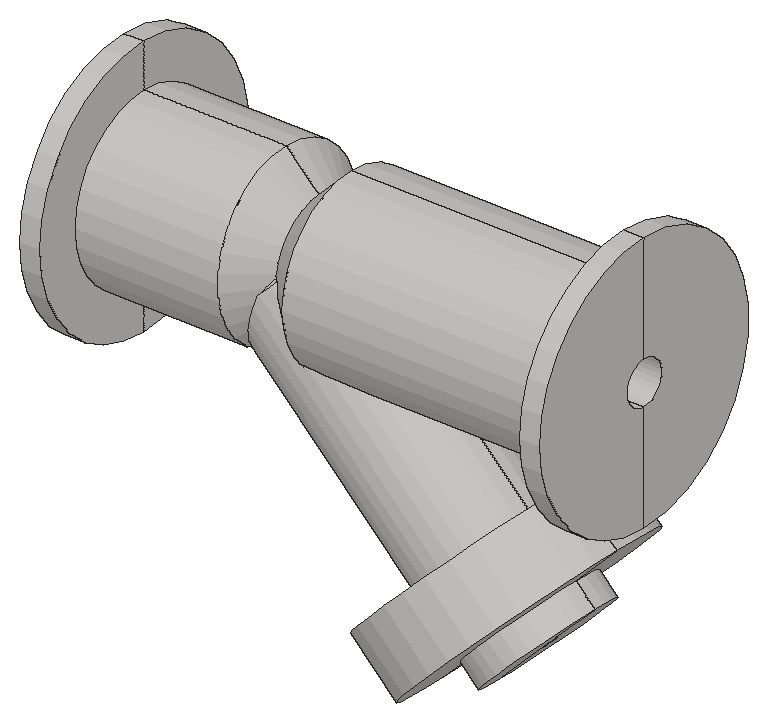
Revit family "Wye_Pattern_Strainers-Backflow_Preventor-WATTS-77F-CSSI", category Pipe Accessories, Revit 2014
Parameters (values of type "77F-CSSI 0.5"")
  Width = 3"
  Weight = "6/2.4 (LB/KG)"
  Waste Connection = no
  Warranty Information = "1 Year Limited Warranty"  # constant formula
  Vent Connection = no
  URL = "http://www.watts.com/"
  Strainer Width = 2 111/128"
  Strainer Thickness = Flange Thickness * 2  # 59/128"
  Strainer Revolve Offset Distance = Strainer Width / 2  # 1 111/256"
  Strainer Offset Length From Flange = (Strainer Length - Strainer Diameter) / 2  # 175/256"
  Strainer Length = Strainer Width  # 2 111/128"
  Strainer Diameter = Nominal Depth * 2 + NPT Diameter  # 1 1/2"
  Region = "North America"  # constant formula
  Product Page URL = "http://www.watts.com/pages/_products_details.asp?pid=825"
  Product Documentation Link = "http://media.wattswater.com/es-77f-cssi.pdf"
  Price = "Prices may vary. Please consult Manufacturer Representative for most up-to-date price list."  # constant formula
  Nominal Depth 2 = Nominal Depth / 2  # 5/16"
  Nominal Depth = 5/8"
  NPT Radius = NPT Diameter / 2  # 1/8"
  NPT Diameter = 1/4"
  Model = "77F-CSI"  # constant formula
  Max. Working Pressure = "275psi (19.0 bar) at 100°F (38°C) WOG  150psi (10.3 bar) at 400°F (204°C) WSP"  # constant formula
  Material = "Metal-Watts-Stainless Steel"  # constant formula
  Manufacturer Product Line = "Strainers"  # constant formula
  Manufacturer = "WATTS"  # constant formula
  HW Connection = no
  Flange Thickness = 59/256"
  Finish = Metal-Watts-Stainless Steel
  Description = "Stainless Steel, Flanged, Wye-Pattern Strainers"  # constant formula
  Creation Date = "07/25/2018"  # constant formula
  Country = "United States"  # constant formula
  Connection Size = Connection Radius * 2  # 1/2"
  Connection Radius = 1/4"
  Connection Outlet Description = "1/2\" NPT Flanged Outlet"
  Connection Inlet Description = "1/2\" NPT Flanged Inlet"
  CW Connection = yes
  Body Radius = 1"
  B = 3 7/8"
  Assembly Code = "F1050"
  A = 6"
Types (10): name | Width | Weight | Strainer Width | Strainer Thickness | Strainer Revolve Offset Distance | Strainer Offset Length From Flange | Strainer Length | Strainer Diameter | Nominal Depth 2 | Nominal Depth | NPT Radius | NPT Diameter | Flange Thickness | Connection Size | Connection Radius | Connection Outlet Description | Connection Inlet Description | Body Radius | B | A
  (no name) | 3" | "6/2.4 (LB/KG)" | 2 111/128" | 59/128" | 1 111/256" | 175/256" | 2 111/128" | 1 1/2" | 5/16" | 5/8" | 1/8" | 1/4" | 59/256" | 1/2" | 1/4" | "1/2\" NPT Flanged Outlet" | "1/2\" NPT Flanged Inlet" | 1" | 3 7/8" | 6"
  77F-CSSI 2" | 4 1/4" | "20/9.0 (LB/KG)" | 3 7/8" | 3/4" | 1 15/16" | 11/16" | 3 7/8" | 2 1/2" | 1/2" | 1" | 1/4" | 1/2" | 3/8" | 2" | 1" | "2\" NPT Flanged Outlet" | "2\" NPT Flanged Inlet" | 1 1/4" | 5 1/4" | 8 5/8"
  77F-CSSI 2.5" | 5" | "32/14.5 (LB/KG)" | 4 7/8" | 3/4" | 2 7/16" | 1 1/16" | 4 7/8" | 2 3/4" | 1/2" | 1" | 3/8" | 3/4" | 3/8" | 2 1/2" | 1 1/4" | "2-1/2\" NPT Flanged Outlet" | "2-1/2\" NPT Flanged Inlet" | 1 5/8" | 7 1/2" | 10 1/4"
  77F-CSSI 3" | 5 1/2" | "36/16.3 (LB/KG)" | 5" | 1" | 2 1/2" | 5/8" | 5" | 3 3/4" | 11/16" | 1 3/8" | 1/2" | 1" | 1/2" | 3" | 1 1/2" | "3\" NPT Flanged Outlet" | "3\" NPT Flanged Inlet" | 2" | 7" | 11 5/8"
  77F-CSSI 4" | 7" | "61/27.6 (LB/KG)" | 6 1/8" | 1" | 3 1/16" | 11/16" | 6 1/8" | 4 3/4" | 13/16" | 1 5/8" | 3/4" | 1 1/2" | 1/2" | 4" | 2" | "4\" NPT Flanged Outlet" | "4\" NPT Flanged Inlet" | 2 1/2" | 9 1/8" | 14 3/8"
  77F-CSSI 6" | 10" | "160/72.5 (LB/KG)" | 8 1/2" | 2" | 4 1/4" | 3/4" | 8 1/2" | 7" | 1 1/4" | 2 1/2" | 1" | 2" | 1" | 6" | 3" | "6\" NPT Flanged Outlet" | "6\" NPT Flanged Inlet" | 3 1/2" | 13" | 18 5/8"
  77F-CSSI 0.75" | 3" | "7/2.9 (LB/KG)" | 2 111/128" | 59/128" | 1 111/256" | 159/256" | 2 111/128" | 1 5/8" | 5/16" | 5/8" | 3/16" | 3/8" | 59/256" | 3/4" | 3/8" | "3/4\" NPT Flanged Outlet" | "3/4\" NPT Flanged Inlet" | 1" | 4 1/4" | 7"
  77F-CSSI 1" | 3" | "9/4.0 (LB/KG)" | 2 111/128" | 59/128" | 1 111/256" | 143/256" | 2 111/128" | 1 3/4" | 5/16" | 5/8" | 1/4" | 1/2" | 59/256" | 1" | 1/2" | "1\" NPT Flanged Outlet" | "1\" NPT Flanged Inlet" | 1" | 4 3/4" | 7 1/2"
  77F-CSSI 1.5" | 3 5/8" | "12/5.4 (LB/KG)" | 3 1/2" | 59/128" | 1 3/4" | 3/4" | 3 1/2" | 2" | 3/8" | 3/4" | 1/4" | 1/2" | 59/256" | 1 1/2" | 3/4" | "1-1/2\" NPT Flanged Outlet" | "1-1/2\" NPT Flanged Inlet" | 1" | 5 5/8" | 9"
  77F-CSSI 0.5" | 3" | "6/2.4 (LB/KG)" | 2 111/128" | 59/128" | 1 111/256" | 175/256" | 2 111/128" | 1 1/2" | 5/16" | 5/8" | 1/8" | 1/4" | 59/256" | 1/2" | 1/4" | "1/2\" NPT Flanged Outlet" | "1/2\" NPT Flanged Inlet" | 1" | 3 7/8" | 6"
Reference planes (in)
  plane 1 "Center (Front/Back)": y = 0
  plane 2: z = 0
  plane 3 "Center (Left/Right)": x = 0
  plane 4: x = -3
  plane 5: x = 3
  plane 6: z = 0.25
  plane 7: z = -0.25
  plane 8: z = 1.5
  plane 9: z = -1.5
  plane 10: z = -3.875
  plane 11: z = 1
  plane 12: z = 0.625
  plane 13: x = -1.5
  plane 14: x = -0.75
  plane 15: x = -1.125
  plane 16: x = -0.375
  plane 17: y = 1.43359
  plane 18: y = -1.43359
  plane 19: z = -0.875
  plane 20: z = -0.25
  plane 21: z = -1.1875
  plane 22: z = 0.25
  plane 23: x = -1.59375
  plane 24: x = 1.59375
  plane 25: y = -2
Forms (in)
  Revolve 1, solid, material "Metal-Watts-Stainless Steel"
    sketch origin (0, 0, 0) x (1, 0, 0) y (0, 0, 1)
      loop
        line (-3, 0.25) -> (3, 0.25) -> (3, 1.5) -> (2.76953, 1.5) -> (2.76953, 1) -> (-0.375, 1) -> (-0.75, 0.625) -> (-1.125, 1) -> (-2.76953, 1) -> (-2.76953, 1.5) -> (-3, 1.5) -> (-3, 0.25)
      axis (3, 0) -> (-3, 0)
    angle from 0 to 360
  Revolve 2, solid, material "Metal-Watts-Stainless Steel"
    sketch origin (0, 0, 0) x (1, 0, 0) y (0, 0, 1)
      loop
        line (-1.48834, 0.12487) -> (-1.48834, -0.75901) -> (0.61394, -2.8613) -> (0.13057, -3.34467) -> (0.6609, -3.875) -> (1.14427, -3.39163) -> (1.36524, -3.6126) -> (1.80718, -3.17066) -> (-1.48834, 0.12487)
      axis (-1.39996, 0.21326) -> (1.89557, -3.08227)
    angle from 0 to 360
Lines and regions (in)
  Masking region 1, detail levels fine
    outline origin (0, 0, 0) x (1, 0, 0) y (0, 1, 0)
      loop
        line (-3, 1.5) -> (-3, -1.5) -> (-2.76953, -1.5) -> (-2.76953, -1) -> (2.76953, -1) -> (2.76953, -1.5) -> (3, -1.5) -> (3, 1.5) -> (2.76953, 1.5) -> (2.76953, 1) -> (-2.76953, 1) -> (-2.76953, 1.5) -> (-3, 1.5)
  symbolic lines, style "PipeAccessory", detail levels fine
    curve 1: line (-2.76953, 1, 0) -> (-2.76953, -1, 0)
    curve 2: line (2.76953, 0.93359, 0) -> (2.76953, -0.93359, 0)
Dimensions and locks (in)
  "Connection Size": plane 6 to plane 7
  "Width": plane 8 to plane 9
  equal spacing: plane 8, level, plane 9
  "A": plane 5 to plane 4
  equal spacing: plane 4, plane 3 "Center (Left/Right)", plane 5
  "B": level to plane 10
  equal spacing: plane 6, level, plane 7
  equal spacing: plane 3 "Center (Left/Right)", plane 13, plane 4
  equal spacing: plane 3 "Center (Left/Right)", plane 14, plane 13
  equal spacing: plane 14, plane 15, plane 13
  equal spacing: plane 3 "Center (Left/Right)", plane 16, plane 14
  "Strainer Width": plane 17 to plane 18
  "Flange Thickness": Revolve 1 sketch curve to plane 4
  "Flange Thickness": Revolve 1 sketch curve to plane 5
  "Connection Radius": level to plane 20
  equal spacing: plane 20, plane 19, plane 9
  equal spacing: plane 19, plane 21, plane 9
  "NPT Radius": Revolve 2 sketch curve to Revolve 2 sketch curve
  "Nominal Depth": Revolve 2 sketch curve to Revolve 2 sketch curve
  "Connection Radius": plane 22 to level
  equal spacing: plane 11, plane 12, plane 22
  equal spacing: plane 17, plane 1 "Center (Front/Back)", plane 18
  "Body Radius": plane 11 to level
  "Width": Masking region 1 sketch curve to Masking region 1 sketch curve
  equal spacing: Masking region 1 sketch curve, plane 1 "Center (Front/Back)", Masking region 1 sketch curve
  "Body Radius": plane 1 "Center (Front/Back)" to Masking region 1 sketch curve
  "Body Radius": Masking region 1 sketch curve to plane 1 "Center (Front/Back)"
  locked: plane 25 to plane 1 "Center (Front/Back)" at 2
  locked: Revolve 2 sketch curve to Revolve 2 sketch curve at 0.75
  locked: Revolve 2 sketch curve to Revolve 2 sketch curve at 0.3125
  "Strainer Revolve Offset Distance": Revolve 2 sketch curve to Revolve 2 sketch curve
  locked: Revolve 2 sketch curve to plane 21 (angle 45.00°)
  locked: plane 10 to Revolve 2 sketch curve (angle 45.00°)  (x3)
  locked: Revolve 2 sketch curve to plane 10 (angle 45.00°)  (x2)
  aligned and locked: plane 5 to Revolve 1 sketch curve
  aligned and locked: plane 8 to Revolve 1 sketch curve
  aligned and locked: Revolve 1 sketch curve to plane 8
  aligned and locked: Revolve 1 sketch curve to Revolve 1 sketch curve
  aligned and locked: Revolve 1 sketch curve to plane 11
  aligned and locked: plane 15 to Revolve 1 sketch curve
  aligned and locked: plane 16 to Revolve 1 sketch curve
  aligned and locked: plane 12 to Revolve 1 sketch curve
  aligned and locked: plane 14 to Revolve 1 sketch curve
  aligned and locked: Revolve 1 sketch curve to plane 6
  aligned and locked: Masking region 1 sketch curve to plane 4
  aligned and locked: Masking region 1 sketch curve to plane 5
  aligned and locked: Masking region 1 sketch curve to Masking region 1 sketch curve  (x4)
  aligned and locked: Revolve 1 to Masking region 1 sketch curve
  aligned and locked: Masking region 1 sketch curve to Revolve 1
  aligned and locked: Revolve 1 to curve 1
  aligned and locked: Revolve 1 to curve 2
  aligned and locked: curve 1 to Masking region 1
  aligned and locked: Masking region 1 to curve 1
  aligned and locked: Revolve 2 sketch curve to Revolve 2 sketch curve
Automatic sketch dimensions
  Revolve 1 sketch curve to level = 0"
  Revolve 1 sketch curve to plane 4 = 0"
  Revolve 1 sketch curve to plane 4 = 0.90603"
  Revolve 1 sketch curve to Revolve 1 sketch curve = 0.42846"
  Revolve 2 sketch curve to plane 10 = 0"
  Revolve 2 sketch curve to plane 19 = 0.18272"
  plane 3 "Center (Left/Right)" to Revolve 2 sketch curve = 0.13057"
  level to Revolve 2 sketch curve = 0.12487"
  plane 17 to curve 2 = 1/2"
  plane 18 to curve 2 = 1/2"
Connectors (in)
  piping at (3, 0, 0), diameter 0.5, driven by "Connection Radius", driven by "Connection Outlet Description"
    settings: on Revolve 1, index 1, connector inside diameter 3/4", connector length 0", flow factor 0, pipe flow 0 GPM, pressure drop 0.00 psi, fitting loss kfactor 0, connector angle 0.00°, fixture units 0, engagement length 0", angle of deflection 0.00°, flow configuration 0, flow direction 2, fitting loss method 0, system type 29, joint type 0, gender type 0, connector reference index -1, connector utility 0, adjustable connector no, is connector primary no, connector description "1/2\" NPT Flanged Outlet"
  piping at (-3, 0, 0), diameter 0.5, driven by "Connection Radius", driven by "Connection Inlet Description"
    settings: on Revolve 1, index 2, connector inside diameter 3/4", connector length 0", flow factor 0, pipe flow 0 GPM, pressure drop 0.00 psi, fitting loss kfactor 0, connector angle 0.00°, fixture units 0, engagement length 0", angle of deflection 0.00°, flow configuration 0, flow direction 1, fitting loss method 0, system type 29, joint type 0, gender type 0, connector reference index -1, connector utility 0, adjustable connector no, is connector primary yes, connector description "1/2\" NPT Flanged Inlet"
